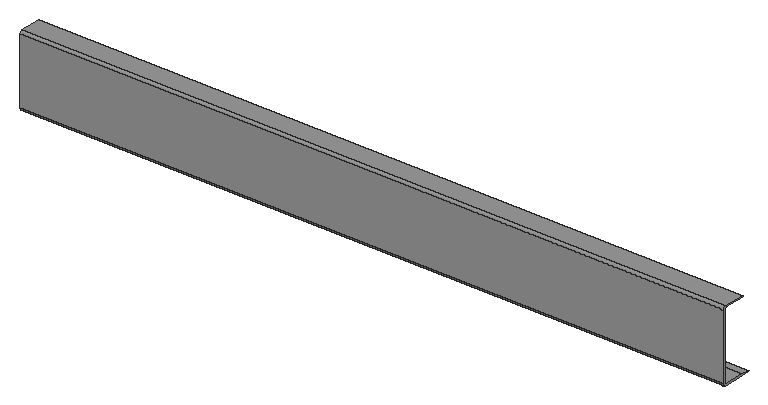
Revit family "L11 2550-2700", category Generic Models, Revit 2014
Parameters (values of type "Max lintel lenght 2700mm")
  URL = "http://iglintels.com/"
  Structural Opening [instance] = 1900 mm
  Structural Performance = "The IG lintel range has safe working loads as detailed in each applicable loading table in the Keystone Lintel Guide brochure. The structural performance figures within each table have been ascertained by testing in accordance with the requirements of standards BS EN 5977-2: 1983 and BS EN 845-2: 2003."
  RIBA Productor Selector = "available for Keystone Lintels Ltd from Keystone Lintels Ltd from ribaproductselector.com"
  Model = "L11 2250-2700"
  Min Length = 2250 mm
  Min Clear Span = 300 mm
  Max Length = 2700 mm
  Max Clear Span = 4800 mm
  Material - Stainless Steel = "Grade 304 2b 1.4307 to BS EN 10088-2. Other grades available on request: contact manufacturer."
  Material - Galvanised Steel = "To BS EN 10346: 2009. DX51D plus Z600 or grade Z275 to BS 5977-2: 1983 (BS EN 845-2: 2003)."
  Manufacturer = "IG"
  Manufactured Length [instance] = (roundup(Effective Length / 150 mm) * 150 mm)  # 2250 mm
  Lintel height [instance] = 2100 mm
  Keynote = "F30/755"
  Fire Performance = "IG lintels have been subjected to a fire test (WARRES No. 101263) in accordance with BS 476-20: 1987, at Exova Warrington Fire and achieved a one hour fire performance."
  End Bearing = 150 mm
  Effective Length [instance] = Clear Opening with MIN MAX set + End Bearing * 2  # 2200 mm
  Corrosion = "IG’s standard range of lintels are manufactured from high quality grade pre-galvanized carbon steel with a zinc coating of 600"
  Contact Tel = "01633 486 486"
  Contact Email = "info@igltd.co.uk"
  Clear Opening with MIN MAX set [instance] = if(Structural Opening < Min Clear Span, Min Clear Span, (if(Structural Opening > Max Clear Span, Max Clear Span, Structural Opening)))  # 1900 mm
  CPD Information = "Available for Keystone Lintels Ltd from ribacpd.com"
Reference planes
  plane 1 "Center (Front/Back)": y = 0
  plane 2: z = 0
  plane 3 "Center (Left/Right)": x = 0
  plane 4: x = -1125
  plane 5: x = 1125
  plane 6: z = 2100
  plane 7: x = -950
  plane 8: x = 950
Forms (mm)
  Extrusion 1, solid, not visible
    sketch origin (0, 848.308, 1157.631) x (0, 1, 0) y (0, 0, 1)
      loop
        line (-693.236, 1000.08) -> (-758.243, 1000.08)
        arc (-758.243, 1000.08) -> (-761.496, 1001.427) -> (-762.843, 1004.68) r 4.6
        line (-762.843, 1004.68) -> (-762.843, 1217.08)
        arc (-762.843, 1217.08) -> (-761.496, 1220.333) -> (-758.243, 1221.68) r 4.6
        line (-758.243, 1221.68) -> (-691.243, 1221.68) -> (-691.243, 1224.18) -> (-758.243, 1224.18)
        arc (-758.243, 1224.18) -> (-763.547, 1221.983) -> (-765.743, 1216.68) r 7.5
        line (-765.743, 1216.68) -> (-765.743, 1004.68)
        arc (-765.743, 1004.68) -> (-763.547, 999.377) -> (-758.243, 997.18) r 7.5
        line (-758.243, 997.18) -> (-693.287, 997.18) -> (-668.331, 996.302) -> (-668.229, 999.2) -> (-693.236, 1000.08)
    from 0 to 250
  Extrusion 2, solid, not visible
    sketch origin (0, 837.601, 1167.042) x (0, 1, 0) y (0, 0, 1)
      loop
        line (-693.236, 999.68) -> (-758.236, 999.68)
        arc (-758.236, 999.68) -> (-761.772, 1001.144) -> (-763.236, 1004.68) r 5
        line (-763.236, 1004.68) -> (-763.236, 1216.68)
        arc (-763.236, 1216.68) -> (-761.772, 1220.215) -> (-758.236, 1221.68) r 5
        line (-758.236, 1221.68) -> (-691.236, 1221.68) -> (-691.236, 1224.18) -> (-758.236, 1224.18)
        arc (-758.236, 1224.18) -> (-763.539, 1221.983) -> (-765.736, 1216.68) r 7.5
        line (-765.736, 1216.68) -> (-765.736, 1004.68)
        arc (-765.736, 1004.68) -> (-763.539, 999.377) -> (-758.236, 997.18) r 7.5
        line (-758.236, 997.18) -> (-693.28, 997.18) -> (-668.324, 996.302) -> (-668.236, 998.801) -> (-693.236, 999.68)
    from 0 to 250
  Extrusion 3, solid, not visible
    sketch origin (0, 821.052, 1152.899) x (0, 1, 0) y (0, 0, 1)
      loop
        line (-693.236, 1000.08) -> (-758.243, 1000.08)
        arc (-758.243, 1000.08) -> (-761.496, 1001.427) -> (-762.843, 1004.68) r 4.6
        line (-762.843, 1004.68) -> (-762.843, 1217.08)
        arc (-762.843, 1217.08) -> (-761.496, 1220.333) -> (-758.243, 1221.68) r 4.6
        line (-758.243, 1221.68) -> (-691.243, 1221.68) -> (-691.243, 1224.18) -> (-758.243, 1224.18)
        arc (-758.243, 1224.18) -> (-763.547, 1221.983) -> (-765.743, 1216.68) r 7.5
        line (-765.743, 1216.68) -> (-765.743, 1004.68)
        arc (-765.743, 1004.68) -> (-763.547, 999.377) -> (-758.243, 997.18) r 7.5
        line (-758.243, 997.18) -> (-693.287, 997.18) -> (-668.331, 996.302) -> (-668.229, 999.2) -> (-693.236, 1000.08)
    from 0 to 250
  Extrusion 4, solid, material "Steel"
    sketch origin (0, 765.748, -497.18) x (0, 1, 0) y (0, 0, 1)
      loop
        line (-693.236, 2600.38) -> (-758.248, 2600.38)
        arc (-758.248, 2600.38) -> (-761.289, 2601.639) -> (-762.548, 2604.68) r 4.3
        line (-762.548, 2604.68) -> (-762.548, 2816.68)
        arc (-762.548, 2816.68) -> (-761.289, 2819.72) -> (-758.249, 2820.98) r 4.3
        line (-758.249, 2820.98) -> (-691.248, 2820.98) -> (-691.248, 2824.18) -> (-758.248, 2824.18)
        arc (-758.248, 2824.18) -> (-763.552, 2821.983) -> (-765.748, 2816.68) r 7.5
        line (-765.748, 2816.68) -> (-765.748, 2604.68)
        arc (-765.748, 2604.68) -> (-763.552, 2599.377) -> (-758.248, 2597.18) r 7.5
        line (-758.248, 2597.18) -> (-693.292, 2597.18) -> (-668.336, 2596.302) -> (-668.224, 2599.5) -> (-693.236, 2600.38)
    from -1125 to 1125
  Extrusion 5, solid, not visible
    sketch origin (0, 820.552, 1172.14) x (0, 1, 0) y (0, 0, 1)
      loop
        line (-693.236, 1000.38) -> (-758.248, 1000.38)
        arc (-758.248, 1000.38) -> (-761.289, 1001.639) -> (-762.548, 1004.68) r 4.3
        line (-762.548, 1004.68) -> (-762.548, 1216.68)
        arc (-762.548, 1216.68) -> (-761.289, 1219.72) -> (-758.249, 1220.98) r 4.3
        line (-758.249, 1220.98) -> (-691.248, 1220.98) -> (-691.248, 1224.18) -> (-758.248, 1224.18)
        arc (-758.248, 1224.18) -> (-763.552, 1221.983) -> (-765.748, 1216.68) r 7.5
        line (-765.748, 1216.68) -> (-765.748, 1004.68)
        arc (-765.748, 1004.68) -> (-763.552, 999.377) -> (-758.248, 997.18) r 7.5
        line (-758.248, 997.18) -> (-693.292, 997.18) -> (-668.336, 996.302) -> (-668.224, 999.5) -> (-693.236, 1000.38)
    from 0 to 250
Dimensions and locks
  equal spacing: plane 4, plane 3 "Center (Left/Right)", plane 5
  "Manufactured Length": plane 4 to plane 5
  "Lintel height": plane 6 to level
  "Structural Opening": plane 7 to plane 8
  equal spacing: plane 7, plane 3 "Center (Left/Right)", plane 8
  aligned and locked: level to plane 2
  aligned and locked: Extrusion 4 to plane 6
  aligned and locked: plane 5 to Extrusion 4
  aligned and locked: Extrusion 4 to plane 4
Automatic sketch dimensions
  Extrusion 1 sketch curve to Extrusion 1 sketch curve = 65.007 mm
  Extrusion 1 sketch curve to Extrusion 1 sketch curve = 0.879 mm
  Extrusion 1 sketch curve to Extrusion 1 sketch curve = 4.6 mm  (x2)
  Extrusion 1 sketch curve to Extrusion 1 sketch curve = 212.4 mm
  Extrusion 1 sketch curve to Extrusion 1 sketch curve = 67 mm
  Extrusion 1 sketch curve to Extrusion 1 sketch curve = 2.5 mm
  Extrusion 1 sketch curve to Extrusion 1 sketch curve = 0 mm  (x5)
  Extrusion 1 sketch curve to Extrusion 1 sketch curve = 0.4 mm
  Extrusion 1 sketch curve to Extrusion 1 sketch curve = 0.051 mm
  Extrusion 1 sketch curve to Extrusion 1 sketch curve = 0.102 mm
  Extrusion 2 sketch curve to Extrusion 2 sketch curve = 65 mm
  Extrusion 2 sketch curve to Extrusion 2 sketch curve = 0.879 mm
  Extrusion 2 sketch curve to Extrusion 2 sketch curve = 5 mm  (x2)
  Extrusion 2 sketch curve to Extrusion 2 sketch curve = 212 mm
  Extrusion 2 sketch curve to Extrusion 2 sketch curve = 67 mm
  Extrusion 2 sketch curve to Extrusion 2 sketch curve = 0.044 mm
  Extrusion 2 sketch curve to Extrusion 2 sketch curve = 0.088 mm
  Extrusion 2 sketch curve to Extrusion 2 sketch curve = 2.498 mm
  Extrusion 2 sketch curve to Extrusion 2 sketch curve = 0 mm  (x8)
  Extrusion 3 sketch curve to Extrusion 3 sketch curve = 0.102 mm
  Extrusion 3 sketch curve to Extrusion 3 sketch curve = 25.007 mm
  Extrusion 3 sketch curve to Extrusion 3 sketch curve = 2.898 mm
  Extrusion 3 sketch curve to Extrusion 3 sketch curve = 0.051 mm
  Extrusion 3 sketch curve to Extrusion 3 sketch curve = 64.956 mm
  Extrusion 3 sketch curve to Extrusion 3 sketch curve = 0 mm  (x5)
  Extrusion 3 sketch curve to Extrusion 3 sketch curve = 4.6 mm  (x2)
  Extrusion 3 sketch curve to Extrusion 3 sketch curve = 212.4 mm
  Extrusion 3 sketch curve to Extrusion 3 sketch curve = 0.4 mm
  Extrusion 3 sketch curve to Extrusion 3 sketch curve = 67 mm
  Extrusion 4 sketch curve to Extrusion 4 sketch curve = 65.012 mm
  Extrusion 4 sketch curve to Extrusion 4 sketch curve = 25.012 mm
  Extrusion 4 sketch curve to Extrusion 4 sketch curve = 0.88 mm
  Extrusion 4 sketch curve to Extrusion 4 sketch curve = 0.112 mm
  Extrusion 4 sketch curve to Extrusion 4 sketch curve = 0.056 mm
  Extrusion 4 sketch curve to Extrusion 4 sketch curve = 0 mm  (x6)
  Extrusion 4 sketch curve to Extrusion 4 sketch curve = 4.3 mm  (x2)
  Extrusion 4 sketch curve to Extrusion 4 sketch curve = 212 mm
  Extrusion 4 sketch curve to Extrusion 4 sketch curve = 67 mm
  Extrusion 5 sketch curve to Extrusion 5 sketch curve = 65.012 mm
  Extrusion 5 sketch curve to Extrusion 5 sketch curve = 25.012 mm
  Extrusion 5 sketch curve to Extrusion 5 sketch curve = 0.88 mm
  Extrusion 5 sketch curve to Extrusion 5 sketch curve = 0.112 mm
  Extrusion 5 sketch curve to Extrusion 5 sketch curve = 0.056 mm
  Extrusion 5 sketch curve to Extrusion 5 sketch curve = 0 mm  (x6)
  Extrusion 5 sketch curve to Extrusion 5 sketch curve = 4.3 mm  (x2)
  Extrusion 5 sketch curve to Extrusion 5 sketch curve = 212 mm
  Extrusion 5 sketch curve to Extrusion 5 sketch curve = 67 mm
  Extrusion 4 sketch curve to plane 1 "Center (Front/Back)" = 0 mm
  Extrusion 4 sketch curve to plane 6 = 0 mm
